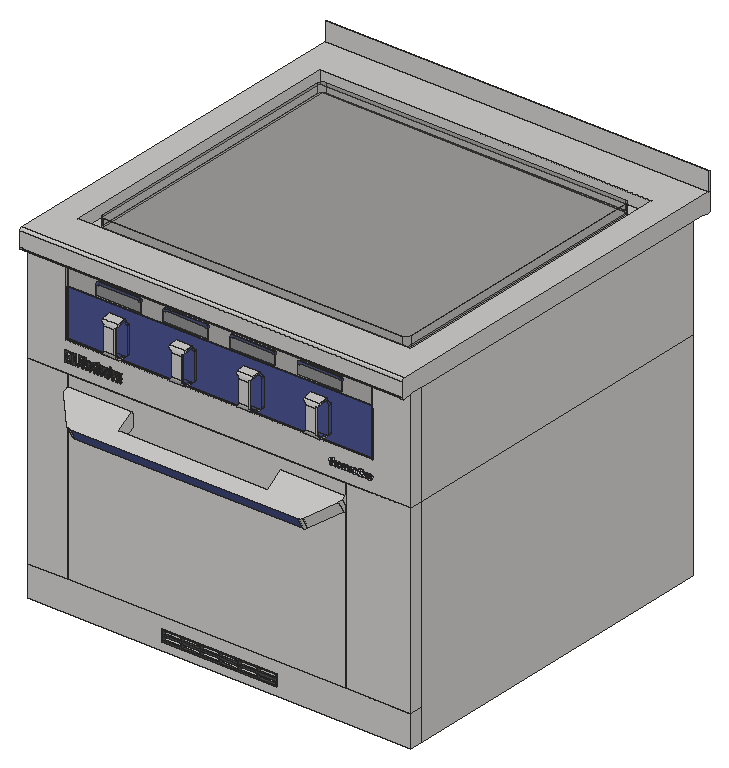
Revit family "QF_ELECTROLUXPROFESSIONAL_588412_MALLEBH8AO", category Attrezzature speciali, Revit 2020
Family settings
  Quota connettore circolare = Usa diametro
  Tipo di parte = Normale
  Basato su piano di lavoro = No
  Sempre verticale = Sì
  Taglio con vuoti quando caricato = No
  Condiviso = No
  Punto di calcolo locali = No
Parameters (values of type "Standard")
  Weight = 208.00 kg
  Watts = 17300 W
  Volts = 400 V
  URL Manufacturer = "https://www.electroluxprofessional.com/"
  URL = "https://www.electroluxprofessional.com/"
  Steam Supply Size = 0"
  Steam Supply Minimum Pressure = 0.00 psi
  Steam Supply Maximum Pressure = 0.00 psi
  Steam Consumption per Hour = 0
  Refrigeration Suction Line Size = 0 mm
  Refrigeration Liquid Line Size = 0 mm
  Refrigerant Compressor Remote = yes
  Prospetto di default = 0 mm
  Phase = 3
  Modello = "MALLEBH8AO"
  Produttore = "Electrolux Professional"
  Length Actual = 800 mm  # constant formula
  Item Number = "588412"
  Hot Water Size = 0"
  Height Actual = 700 mm  # constant formula
  HP = "23.2 HP"
  Gas Size = 0"
  Gas KW = 0
  Gas Input Pressure = 0.0 Btu/h
  Direct Waste Size = 0"
  Descrizione = "EL.SOLID TOP,ST.OV,1S,BS,800X800X700H"
  Depth Actual = 800 mm  # constant formula
  Cycle = 50 Hz
  Condensate Return Size = 0"
  Compressed Air Volume = 0 GPM
  Compressed Air Size = 0"
  Compressed Air Pressure = 0.00 psi
  Cold Water Size = 0"
  Accessory = yes
Reference planes
  plane 1 "BACK": y = 0
  plane 2: z = 0
  plane 3 "LEFT": x = 0
  plane 4 "RIGHT": x = 800
  plane 5 "FRONT": y = -800
  plane 6 "TOP": z = 900
  plane 7 "Center (Left/Right)": x = 400
  plane 8: y = -400
  plane 9: z = 200
  plane 10: y = -150
  plane 11 "Panel": y = -755
  plane 12: z = 798
  plane 13: z = 1327
  plane 14: x = 78
  plane 15: x = 722
  plane 16: y = -150
  plane 17: y = -650
  plane 18 "EIx": x = 755
  plane 19 "EIy": y = -585
Forms (mm)
  Extrusion 1, solid, material "QF_Finishes_Stainless Steel"
    sketch origin (-178.969, -4572, 200) x (-1, 0, 0) y (0, -1, 0)
      loop
        line (-178.969, -4527) -> (-178.969, -3817) -> (-978.969, -3817) -> (-978.969, -4527) -> (-178.969, -4527)
    from 450 to 663
  Extrusion 2, solid, material "QF_Finishes_Stainless Steel"
    sketch origin (0, 0, 0) x (0, 1, 0) y (0, 0, 1)
      loop
        line (-755, 200) -> (-755, 265) -> (-780, 265) -> (-780, 200) -> (-755, 200)
    from 0 to 800
  Extrusion 3, solid, material "QF_Finishes_Stainless Steel"
    sketch origin (-588.969, -4562, 200) x (-1, 0, 0) y (0, -1, 0)
      loop
        circle (-1343.969, -3977) r 6.35
    from 0 to -11.851
  Extrusion 4, solid, material "QF_Finishes_Stainless Steel"
    sketch origin (400, 296.4, 1219.2) x (0, 1, 0) y (0, 0, 1)
      loop
        line (-296.4, -319.2) -> (-1091.4, -319.2)
        arc (-1091.4, -319.2) -> (-1094.935, -320.664) -> (-1096.4, -324.2) r 5
        line (-1096.4, -324.2) -> (-1096.4, -355.2)
        arc (-1096.4, -355.2) -> (-1094.971, -358.264) -> (-1091.705, -359.139) r 4
        line (-1091.705, -359.139) -> (-1076.4, -356.231) -> (-316.4, -356.231) -> (-301.094, -359.139)
        arc (-301.094, -359.139) -> (-297.829, -358.264) -> (-296.4, -355.2) r 4
        line (-296.4, -355.2) -> (-296.4, -319.2)
    from -400 to 400
  Extrusion 5, solid, material "QF_Finishes_Electrolux_Black Smoke Iluminated"
    sketch origin (0, 0, 900) x (-1, 0, 0) y (0, -1, 0)
      loop
        arc (-88, 109) -> (-80.929, 111.929) -> (-78, 119) r 10
        line (-78, 119) -> (-78, 680)
        arc (-78, 680) -> (-80.929, 687.071) -> (-88, 690) r 10
        line (-88, 690) -> (-712, 690)
        arc (-712, 690) -> (-719.071, 687.071) -> (-722, 680) r 10
        line (-722, 680) -> (-722, 119)
        arc (-722, 119) -> (-719.071, 111.929) -> (-712, 109) r 10
        line (-712, 109) -> (-88, 109)
    from 0 to -20
  Extrusion 6, solid, material "QF_Finishes_Stainless Steel"
    sketch origin (-178.969, -4572, 200) x (-1, 0, 0) y (0, -1, 0)
      loop
        line (-178.969, -4527) -> (-178.969, -3817) -> (-978.969, -3817) -> (-978.969, -4527) -> (-178.969, -4527)
    from 450 to 0
  Extrusion 7, void
    sketch origin (0, -755, 0) x (-1, 0, 0) y (0, 0, 1)
      loop
        line (-520, 216.594) -> (-280, 216.594) -> (-280, 241.594) -> (-520, 241.594) -> (-520, 216.594)
    from 0 to -25
  Extrusion 8, solid, material "QF_Finishes_Black"
    sketch origin (0, -755, 0) x (-1, 0, 0) y (0, 0, 1)
      loop
        line (-280, 241.594) -> (-520, 241.594) -> (-520, 216.594) -> (-280, 216.594) -> (-280, 241.594)
      loop
        line (-282, 239.594) -> (-319.131, 239.594) -> (-319.131, 230.094) -> (-282, 230.094) -> (-282, 239.594)
      loop
        line (-282, 218.594) -> (-282, 228.094) -> (-319.131, 228.094) -> (-319.131, 218.594) -> (-282, 218.594)
      loop
        line (-321.131, 239.594) -> (-359.066, 239.594) -> (-359.066, 230.094) -> (-321.131, 230.094) -> (-321.131, 239.594)
      loop
        line (-399, 239.594) -> (-399, 230.094) -> (-361.066, 230.094) -> (-361.066, 239.594) -> (-399, 239.594)
      loop
        line (-401, 239.594) -> (-438.934, 239.594) -> (-438.934, 230.094) -> (-401, 230.094) -> (-401, 239.594)
      loop
        line (-359.066, 218.594) -> (-321.131, 218.594) -> (-321.131, 228.094) -> (-359.066, 228.094) -> (-359.066, 218.594)
      loop
        line (-361.066, 218.594) -> (-361.066, 228.094) -> (-399, 228.094) -> (-399, 218.594) -> (-361.066, 218.594)
      loop
        line (-401, 228.094) -> (-438.934, 228.094) -> (-438.934, 218.594) -> (-401, 218.594) -> (-401, 228.094)
      loop
        line (-518, 239.594) -> (-518, 230.094) -> (-480.869, 230.094) -> (-480.869, 239.594) -> (-518, 239.594)
      loop
        line (-518, 218.594) -> (-480.869, 218.594) -> (-480.869, 228.094) -> (-518, 228.094) -> (-518, 218.594)
      loop
        line (-478.869, 239.594) -> (-478.869, 230.094) -> (-440.934, 230.094) -> (-440.934, 239.594) -> (-478.869, 239.594)
      loop
        line (-440.934, 218.594) -> (-440.934, 228.094) -> (-478.869, 228.094) -> (-478.869, 218.594) -> (-440.934, 218.594)
    from -25.03 to -20
  Extrusion 9, void
    sketch origin (0, 0, 900) x (-1, 0, 0) y (0, -1, 0)
      loop
        line (-53, 715) -> (-747, 715) -> (-747, 84) -> (-53, 84) -> (-53, 715)
    from 0 to -25
  Extrusion 10, solid, material "QF_Finishes_Stainless Steel"
    sketch origin (0, 0, 900) x (-1, 0, 0) y (0, -1, 0)
      loop
        line (-82, 113) -> (-82, 686) -> (-718, 686) -> (-718, 113) -> (-82, 113)
    from -20 to -25
  Extrusion 11, solid, material "QF_Finishes_Stainless Steel"
    sketch origin (400, 296.4, 1219.2) x (0, 1, 0) y (0, 0, 1)
      loop
        line (-299.4, -319.2) -> (-296.4, -319.2) -> (-296.4, -281.2) -> (-299.4, -281.2) -> (-299.4, -319.2)
    from -400 to 400
Cuts and joins
  Extrusion 7 cuts Extrusion 6
  Extrusion 7 cuts Extrusion 2
  Extrusion 9 cuts Extrusion 4
Lines and regions (mm)
  symbolic lines
    curve 1: line (0, 0, 200) -> (800, 0, 200)
    curve 2: line (0, -800, 200) -> (0, 0, 200)
    curve 3: line (800, -800, 200) -> (0, -800, 200)
    curve 4: line (800, 0, 200) -> (800, -800, 200)
    curve 5: line (712, -109, 200) -> (88, -109, 200)
    curve 6: line (78, -119, 200) -> (78, -680, 200)
    curve 7: line (88, -690, 200) -> (712, -690, 200)
    curve 8: line (722, -680, 200) -> (722, -119, 200)
    curve 9: arc (88, -109, 200) -> (80.929, -111.929, 200) -> (78, -119, 200) r 10
    curve 10: arc (722, -119, 200) -> (719.071, -111.929, 200) -> (712, -109, 200) r 10
    curve 11: arc (712, -690, 200) -> (719.071, -687.071, 200) -> (722, -680, 200) r 10
    curve 12: arc (78, -680, 200) -> (80.929, -687.071, 200) -> (88, -690, 200) r 10
    curve 13: line (747, -84, 900) -> (53, -84, 900)
    curve 14: line (53, -84, 900) -> (53, -715, 900)
    curve 15: line (747, -715, 900) -> (747, -84, 900)
    curve 16: line (53, -715, 900) -> (747, -715, 900)
  model lines, style "SpecialityEquipment"
    curve 17: arc (584, -161, 900) -> (530.967, -289.033, 900) -> (659, -236, 900) r 75
    curve 18: line (639, -236, 900) -> (679, -236, 900)
    curve 19: line (679, -236, 900) -> (659, -216, 900)
    curve 20: line (639, -236, 900) -> (659, -216, 900)
    curve 21: arc (216, -161, 900) -> (162.967, -289.033, 900) -> (291, -236, 900) r 75
    curve 22: line (271, -236, 900) -> (311, -236, 900)
    curve 23: line (311, -236, 900) -> (291, -216, 900)
    curve 24: line (271, -236, 900) -> (291, -216, 900)
    curve 25: arc (584, -489, 900) -> (530.967, -617.033, 900) -> (659, -564, 900) r 75
    curve 26: line (639, -564, 900) -> (679, -564, 900)
    curve 27: line (679, -564, 900) -> (659, -544, 900)
    curve 28: line (639, -564, 900) -> (659, -544, 900)
    curve 29: arc (216, -489, 900) -> (162.967, -617.033, 900) -> (291, -564, 900) r 75
    curve 30: line (271, -564, 900) -> (311, -564, 900)
    curve 31: line (311, -564, 900) -> (291, -544, 900)
    curve 32: line (271, -564, 900) -> (291, -544, 900)
Dimensions and locks
  plane 3 "LEFT" to plane 4 "RIGHT" = 800 mm
  plane 5 "FRONT" to plane 1 "BACK" = 800 mm
  equal spacing: plane 3 "LEFT", plane 7 "Center (Left/Right)", plane 4 "RIGHT"
  equal spacing: plane 5 "FRONT", plane 8, plane 1 "BACK"
  plane 6 "TOP" to level = 900 mm  (x2)
  plane 9 to level = 200 mm
  plane 1 "BACK" to plane 10 to plane 11 "Panel" = 150 mm, 605 mm  (x2)
  plane 6 "TOP" to plane 9 to level = 700 mm, 200 mm
  plane 1 "BACK" to plane 5 "FRONT" = 800 mm
  plane 1 "BACK" to Extrusion 3 = 585 mm
  plane 12 to plane 9 = 598 mm
  plane 13 to plane 6 "TOP" = 427 mm
  plane 6 "TOP" to plane 12 = 102 mm
  plane 14 to plane 3 "LEFT" = 78 mm
  plane 15 to plane 4 "RIGHT" = 78 mm
  locked: plane 1 "BACK" to plane 16 at 150
  locked: plane 16 to plane 17 at 500
  plane 11 "Panel" to plane 5 "FRONT" = 45 mm
  plane 18 "EIx" to plane 4 "RIGHT" = 45 mm
  plane 19 "EIy" to plane 1 "BACK" = 585 mm
  aligned and locked: level to plane 2
  aligned and locked: Extrusion 2 to plane 4 "RIGHT"
Automatic sketch dimensions
  Extrusion 2 sketch curve to plane 9 = 0 mm
  Extrusion 2 sketch curve to plane 11 "Panel" = 0 mm
  Extrusion 2 sketch curve to plane 5 "FRONT" = 20 mm
  plane 9 to Extrusion 2 sketch curve = 65 mm
  Extrusion 3 sketch curve to plane 18 "EIx" = 0 mm
  Extrusion 3 sketch curve to plane 19 "EIy" = 0 mm
  Extrusion 4 sketch curve to plane 5 "FRONT" = 0 mm
  Extrusion 4 sketch curve to plane 6 "TOP" = 0 mm
  Extrusion 4 sketch curve to plane 1 "BACK" = 0 mm
  Extrusion 4 sketch curve to plane 5 "FRONT" = 4 mm
  Extrusion 4 sketch curve to Extrusion 4 sketch curve = 0.695 mm
  Extrusion 4 sketch curve to plane 5 "FRONT" = 5 mm
  Extrusion 4 sketch curve to Extrusion 4 sketch curve = 15.305 mm
  plane 1 "BACK" to Extrusion 4 sketch curve = 20 mm
  plane 1 "BACK" to Extrusion 4 sketch curve = 4.695 mm
  Extrusion 4 sketch curve to Extrusion 4 sketch curve = 4 mm
  Extrusion 4 sketch curve to Extrusion 4 sketch curve = 31 mm
  Extrusion 4 sketch curve to plane 6 "TOP" = 36 mm
  Extrusion 4 sketch curve to Extrusion 4 sketch curve = 2.909 mm
  Extrusion 5 sketch curve to plane 15 = 0 mm
  Extrusion 5 sketch curve to plane 14 = 0 mm
  plane 15 to Extrusion 5 sketch curve = 10 mm  (x2)
  Extrusion 5 sketch curve to Extrusion 5 sketch curve = 10 mm  (x2)
  plane 10 to Extrusion 5 sketch curve = 41 mm
  plane 17 to Extrusion 5 sketch curve = 30 mm
  plane 9 to Extrusion 7 sketch curve = 41.594 mm
  plane 7 "Center (Left/Right)" to Extrusion 7 sketch curve = 120 mm
  Extrusion 7 sketch curve to plane 7 "Center (Left/Right)" = 120 mm
  plane 9 to Extrusion 7 sketch curve = 16.594 mm
  plane 9 to Extrusion 8 sketch curve = 41.594 mm
  plane 7 "Center (Left/Right)" to Extrusion 8 sketch curve = 120 mm
  Extrusion 8 sketch curve to Extrusion 8 sketch curve = 2 mm  (x15)
  Extrusion 8 sketch curve to Extrusion 8 sketch curve = 0 mm  (x16)
  Extrusion 8 sketch curve to Extrusion 8 sketch curve = 37.131 mm  (x2)
  Extrusion 8 sketch curve to Extrusion 8 sketch curve = 37.934 mm  (x3)
  plane 7 "Center (Left/Right)" to Extrusion 8 sketch curve = 1 mm  (x2)
  Extrusion 8 sketch curve to plane 7 "Center (Left/Right)" = 1 mm  (x2)
  plane 9 to Extrusion 8 sketch curve = 18.594 mm  (x4)
  Extrusion 8 sketch curve to Extrusion 8 sketch curve = 9.5 mm  (x6)
  plane 18 "EIx" to Extrusion 9 sketch curve = 8 mm
  plane 14 to Extrusion 9 sketch curve = 25 mm
  plane 10 to Extrusion 9 sketch curve = 66 mm
  plane 11 "Panel" to Extrusion 9 sketch curve = 40 mm
  Extrusion 10 sketch curve to plane 14 = 4 mm
  plane 15 to Extrusion 10 sketch curve = 4 mm
  plane 17 to Extrusion 10 sketch curve = 36 mm
  plane 10 to Extrusion 10 sketch curve = 37 mm
  Extrusion 1 sketch curve to plane 4 "RIGHT" = 0 mm
  Extrusion 1 sketch curve to plane 3 "LEFT" = 0 mm
  Extrusion 1 sketch curve to plane 11 "Panel" = 0 mm
  plane 1 "BACK" to Extrusion 1 sketch curve = 45 mm
  plane 1 "BACK" to curve 1 = 0 mm
  curve 1 to plane 4 "RIGHT" = 0 mm
  curve 8 to plane 15 = 0 mm
  curve 6 to plane 14 = 0 mm
  curve 2 to plane 3 "LEFT" = 0 mm
  plane 5 "FRONT" to curve 3 = 0 mm
  plane 15 to curve 5 = 10 mm
  curve 11 to curve 11 = 10 mm
  curve 5 to plane 14 = 10 mm
  curve 12 to curve 6 = 10 mm
  plane 10 to curve 5 = 41 mm
  plane 17 to curve 11 = 30 mm
  Extrusion 6 sketch curve to plane 4 "RIGHT" = 0 mm
  Extrusion 6 sketch curve to plane 3 "LEFT" = 0 mm
  Extrusion 6 sketch curve to plane 11 "Panel" = 0 mm
  plane 1 "BACK" to Extrusion 6 sketch curve = 45 mm
  plane 18 "EIx" to curve 13 = 8 mm
  plane 14 to curve 14 = 25 mm
  plane 10 to curve 13 = 66 mm
  plane 11 "Panel" to curve 16 = 40 mm
  Extrusion 11 sketch curve to plane 6 "TOP" = 0 mm
  Extrusion 11 sketch curve to plane 1 "BACK" = 0 mm
  Extrusion 11 sketch curve to Extrusion 11 sketch curve = 3 mm
  Extrusion 11 sketch curve to Extrusion 11 sketch curve = 38 mm
  plane 15 to curve 17 = 138 mm
  plane 19 "EIy" to curve 25 = 21 mm
  plane 15 to curve 25 = 138 mm
  curve 21 to plane 14 = 138 mm
  plane 19 "EIy" to curve 29 = 21 mm
  curve 29 to plane 14 = 138 mm
  curve 17 to plane 10 = 86 mm
  curve 21 to plane 10 = 86 mm
  plane 15 to curve 19 = 43 mm
  plane 15 to curve 27 = 43 mm
  curve 26 to curve 27 = 20 mm
  curve 26 to curve 25 = 20 mm
  curve 18 to curve 17 = 20 mm
  curve 20 to curve 17 = 0 mm
  curve 17 to curve 20 = 20 mm
  curve 25 to curve 26 = 20 mm
  curve 31 to plane 7 "Center (Left/Right)" = 89 mm
  curve 23 to plane 7 "Center (Left/Right)" = 89 mm
  curve 22 to curve 24 = 20 mm
  curve 30 to curve 31 = 20 mm
  curve 30 to curve 29 = 20 mm
  curve 22 to curve 21 = 20 mm
  curve 29 to curve 32 = 20 mm
  curve 21 to curve 24 = 20 mm
  radius of Extrusion 3 sketch curve = 6.35 mm
Nested families
  nested 1: "Front_Panel_W800_4 Knobs" at (202.376, -755, 0), type "Front_Panel_W800_4 Knobs"
  nested 2: "Door_Panel_W800_A" at (300, -755, 0), type "Door_Panel_W800_A"
Connectors
  electrical at (755, -585, 188.149)
    settings: on Extrusion 3, index 1, voltage 400 V, apparent load 33000 VA, apparent load phase1 0 VA, apparent load phase2 0 VA, apparent load phase3 0 VA, power factor 1, load classification "Other", number of poles 1, system type 30, power factor state 1, is connector primary yes, connector utility no, sub classification motor no, connector description "ELECTRICAL CONNECTION"
Definition of nested family "Front_Panel_W800_4 Knobs"
  Parameters
    Default Elevation = 0 mm
  Reference planes
    plane 1 "Center (Front/Back)": y = 0
    plane 2: z = 0
    plane 3 "Center (Left/Right)": x = 197.624
    plane 4 "Left": x = -202.376
    plane 5 "Right": x = 597.624
    plane 6: y = -45
    plane 7: x = -12.376
    plane 8: x = 127.624
    plane 9: y = -310
    plane 10: y = -25
    plane 11: x = 517.624
    plane 12: x = -122.376
  Forms (mm)
    Extrusion 1, solid
      sketch origin (833.217, 829.203, -1.25) x (0, 1, 0) y (0, 0, 1)
        loop
          line (-854.203, 651.25) -> (-829.203, 651.25) -> (-829.203, 864.25) -> (-854.203, 864.25) -> (-854.203, 651.25)
      from -1035.593 to -235.593
    Extrusion 2, void
      sketch origin (0, 0, 0) x (1, 0, 0) y (0, 0, 1)
        loop
          line (-122.376, 853.866) -> (-122.376, 711.866) -> (517.624, 711.866) -> (517.624, 853.866) -> (-122.376, 853.866)
      from 19.387 to 33.951
  Cuts and joins
    Extrusion 2 cuts Extrusion 1
  Dimensions and locks
    equal spacing: plane 5 "Right", plane 3 "Center (Left/Right)", plane 4 "Left"
    plane 5 "Right" to plane 4 "Left" = 800 mm
    plane 3 "Center (Left/Right)" to plane 7 = 210 mm
    plane 3 "Center (Left/Right)" to plane 8 = 70 mm
    plane 6 to plane 9 = 265 mm
    aligned and locked: cut or joined group of Extrusion 1, Extrusion 2 to plane 4 "Left"
    aligned and locked: plane 5 "Right" to cut or joined group of Extrusion 1, Extrusion 2
    aligned and locked: plane 3 "Center (Left/Right)" to nested 2
    aligned and locked: cut or joined group of Extrusion 1, Extrusion 2 to nested 2
  Automatic sketch dimensions
    Extrusion 1 sketch curve to plane 1 "Center (Front/Back)" = 0 mm
    level to Extrusion 1 sketch curve = 650 mm
    plane 4 "Left" to Extrusion 2 sketch curve = 80 mm
    Extrusion 2 sketch curve to plane 5 "Right" = 80 mm
    level to Extrusion 2 sketch curve = 711.866 mm
    Extrusion 2 sketch curve to Extrusion 2 sketch curve = 142 mm
    Extrusion 1 sketch curve to plane 6 = 20 mm
    Extrusion 1 sketch curve to Extrusion 1 sketch curve = 213 mm
  Nested families
    nested 1: "Range Control Handle" at (-12.376, -28.137, -209.113) x (-1, 0, 0) z (0, 0, 1), type "Range Control Handle"
    nested 2: "Front glass control panel W800" at (197.624, 280.644, 2.752), type "Front glass control panel W800"
    nested 3: "Range Control Handle" at (127.624, -28.137, -209.113) x (-1, 0, 0) z (0, 0, 1), type "Range Control Handle"
    nested 4: "Range Control Handle" at (407.624, -28.137, -209.113), type "Range Control Handle"
    nested 5: "Range Control Handle" at (267.624, -28.137, -209.113), type "Range Control Handle"
    nested 6: "ELX_ThermaLine_Small" at (468.838, -25, 679.426) x (1, 0, 0) z (0, -1, 0), type "ELX_ThermaLine_Small"
      with Show Logo yes, Material_Logo none
    nested 7: "ELX_Professional_Logo_Small" at (-62.89, -25, 681.659) x (1, 0, 0) z (0, -1, 0), type "ELX_Professional_Logo_Small"
      with Show Logo yes, Material_Logo none
  Definition of nested family "Range Control Handle"
    Parameters
      Default Elevation = 0 mm
    Reference planes
      plane 1 "Center (Front/Back)": y = 0
      plane 2: z = 0
      plane 3 "Center (Left/Right)": x = 0
      plane 4: z = 971.092
      plane 5: y = -16.9
    Forms (mm)
      Extrusion 1, solid
        sketch origin (-746.28, 380.497, 208.931) x (-1, 0, 0) y (0, 0, 1)
          loop
            line (-770.101, 786.798) -> (-770.101, 731.649)
            arc (-770.101, 731.649) -> (-769.759, 730.563) -> (-768.855, 729.87) r 1.893
            line (-768.855, 729.87) -> (-763.474, 727.911) -> (-729.81, 727.911) -> (-724.428, 729.87)
            arc (-724.428, 729.87) -> (-723.525, 730.563) -> (-723.183, 731.649) r 1.893
            line (-723.183, 731.649) -> (-723.183, 786.798)
            arc (-723.183, 786.798) -> (-723.529, 787.894) -> (-724.44, 788.593) r 1.91
            line (-724.44, 788.593) -> (-729.683, 790.819) -> (-763.601, 790.819) -> (-768.844, 788.593)
            arc (-768.844, 788.593) -> (-769.755, 787.894) -> (-770.101, 786.798) r 1.91
        from -382.35 to -378.852
      Sweep 2, solid
        path origin (-746.788, 380.496, 208.091) x (0, -1, 0) y (0, 0, 1)
          loop
            line (379.775, 793.281) -> (395.661, 791.048)
            arc (395.661, 791.048) -> (397.781, 787.377) -> (398.517, 783.202) r 12.207
            line (398.517, 783.202) -> (398.517, 737.368)
            arc (398.517, 737.368) -> (397.781, 733.193) -> (395.661, 729.522) r 12.207
            line (395.661, 729.522) -> (379.775, 727.289)
        profile origin (-746.788, -7.222, 1000.256) x (0, -0.139173, 0.990268) y (-1, 0, 0)
          loop
            line (0.782, -763.123) -> (0.782, -730.907) -> (-1.322, -730.907) -> (-1.322, -763.123) -> (0.782, -763.123)
      Sweep 3, solid
        path origin (-746.788, 380.715, 207.832) x (0, -1, 0) y (0, 0, 1)
          loop
            line (380.478, 795.442) -> (397.218, 793.09)
            arc (397.218, 793.09) -> (399.929, 788.473) -> (400.871, 783.202) r 15.207
            line (400.871, 783.202) -> (400.871, 737.584)
            arc (400.871, 737.584) -> (399.914, 732.274) -> (397.164, 727.633) r 15.207
            line (397.164, 727.633) -> (380.601, 725.305)
        profile origin (-746.788, -8.132, 1002.099) x (0, -0.139173, 0.990268) y (-1, 0, 0)
          loop
            line (0.782, -763.123) -> (0.782, -730.907) -> (-1.322, -730.907) -> (-1.322, -763.123) -> (0.782, -763.123)
      Extrusion 4, void
        sketch origin (889.253, 220.666, 207.993) x (1, 0, 0) y (0, 0, 1)
          loop
            line (-943.038, 816.854) -> (-943.038, 703.686) -> (-899.466, 734.196) -> (-899.466, 786.344) -> (-943.038, 816.854)
        from 230.636 to 242.25
      Extrusion 5, void
        sketch origin (-888.8, 220.666, 207.993) x (-1, 0, 0) y (0, 0, -1)
          loop
            line (-943.038, -816.854) -> (-899.466, -786.344) -> (-899.466, -734.196) -> (-943.038, -703.686) -> (-943.038, -816.854)
        from 230.636 to 242.25
      Extrusion 6, solid
        sketch origin (0, 0, 0) x (1, 0, 0) y (0, 0, 1)
          loop
            circle (0, 971.092) r 7.736
        from -3.137 to -1.645
    Cuts and joins
      Extrusion 4, Extrusion 5 cuts Sweep 3
      Extrusion 4, Extrusion 5 cuts Sweep 2
      joined: Extrusion 1, Extrusion 6
    Lines and regions (mm)
      symbolic lines
        curve 1: line (16.334, -16.9, 0) -> (16.334, -19.227, 0)
        curve 2: spline (16.334, -19.227, 0) -> (15.87, -19.385, 0) -> (15.404, -19.536, 0) -> (14.936, -19.678, 0) -> (14.466, -19.813, 0) -> (13.995, -19.94, 0) -> (13.523, -20.059, 0) -> (13.049, -20.171, 0) -> (12.575, -20.274, 0) -> (12.099, -20.37, 0) -> (11.622, -20.458, 0) -> (11.144, -20.537, 0) -> (10.666, -20.609, 0)
        curve 3: line (10.666, -16.9, 0) -> (10.666, -20.938, 0)
        curve 4: line (-10.213, -20.938, 0) -> (10.666, -20.938, 0)
        curve 5: line (-10.213, -20.938, 0) -> (-10.213, -16.9, 0)
        curve 6: spline (-10.213, -20.609, 0) -> (-10.691, -20.537, 0) -> (-11.169, -20.458, 0) -> (-11.646, -20.37, 0) -> (-12.122, -20.274, 0) -> (-12.597, -20.171, 0) -> (-13.07, -20.059, 0) -> (-13.542, -19.94, 0) -> (-14.013, -19.813, 0) -> (-14.483, -19.678, 0) -> (-14.951, -19.536, 0) -> (-15.417, -19.385, 0) -> (-15.881, -19.227, 0)
        curve 7: line (-15.881, -19.227, 0) -> (-15.881, -16.9, 0)
  Definition of nested family "Front glass control panel W800"
    Parameters
      Default Elevation = 0 mm
    Reference planes
      plane 1 "Center (Front/Back)": y = 0
      plane 2: z = 0
      plane 3 "Center (Left/Right)": x = 0
    Forms (mm)
      Extrusion 1, solid
        sketch origin (378.286, 0, 0.617) x (1, 0, 0) y (0, 0, 1)
          loop
            line (-698.286, 806.791) -> (-698.286, 708.497) -> (-58.286, 708.497) -> (-58.286, 806.791) -> (-698.286, 806.791)
        from 300.031 to 304.8
      Extrusion 2, solid
        sketch origin (378.286, 0, 0.617) x (1, 0, 0) y (0, 0, 1)
          loop
            line (-698.286, 850.497) -> (-698.286, 806.791) -> (-58.286, 806.791) -> (-58.286, 850.497) -> (-698.286, 850.497)
        from 300.031 to 304.8
      Extrusion 3, void
        sketch origin (378.286, 0, 0.617) x (1, 0, 0) y (0, 0, 1)
          loop
            line (-695.628, 847.565) -> (-695.628, 710.699) -> (-61.196, 710.699) -> (-61.196, 847.565) -> (-695.628, 847.565)
        from 303.697 to 304.8
      Extrusion 4, solid
        sketch origin (-378.333, 1.101, -0.633) x (-1, 0, 0) y (0, 0, -1)
          loop
            line (-261.431, -812.62) -> (-355.186, -812.62) -> (-355.186, -834.177) -> (-350.269, -834.177) -> (-348.469, -835.977) -> (-268.039, -835.977) -> (-266.24, -834.177) -> (-261.431, -834.177) -> (-261.431, -812.62)
        from 304.798 to 306.745
      Extrusion 5, solid
        sketch origin (-378.333, 1.101, -0.633) x (-1, 0, 0) y (0, 0, -1)
          loop
            line (-350.269, -834.177) -> (-355.078, -834.177)
            arc (-355.078, -834.177) -> (-353.942, -838.747) -> (-349.686, -840.763) r 5.5
            line (-349.686, -840.763) -> (-266.98, -840.763)
            arc (-266.98, -840.763) -> (-262.706, -838.752) -> (-261.529, -834.177) r 5.549
            line (-261.529, -834.177) -> (-266.24, -834.177) -> (-268.039, -835.977) -> (-348.469, -835.977) -> (-350.269, -834.177)
        from 304.798 to 306.745
      Extrusion 6, solid
        sketch origin (-518.333, 1.101, -0.633) x (-1, 0, 0) y (0, 0, -1)
          loop
            line (-261.431, -812.62) -> (-355.186, -812.62) -> (-355.186, -834.177) -> (-350.269, -834.177) -> (-348.469, -835.977) -> (-268.039, -835.977) -> (-266.24, -834.177) -> (-261.431, -834.177) -> (-261.431, -812.62)
        from 304.798 to 306.745
      Extrusion 7, solid
        sketch origin (-518.333, 1.101, -0.633) x (-1, 0, 0) y (0, 0, -1)
          loop
            line (-350.269, -834.177) -> (-355.078, -834.177)
            arc (-355.078, -834.177) -> (-353.942, -838.747) -> (-349.686, -840.763) r 5.5
            line (-349.686, -840.763) -> (-266.98, -840.763)
            arc (-266.98, -840.763) -> (-262.706, -838.752) -> (-261.529, -834.177) r 5.549
            line (-261.529, -834.177) -> (-266.24, -834.177) -> (-268.039, -835.977) -> (-348.469, -835.977) -> (-350.269, -834.177)
        from 304.798 to 306.745
      Extrusion 8, solid
        sketch origin (378.333, 1.101, -0.633) x (1, 0, 0) y (0, 0, 1)
          loop
            line (-261.431, 812.62) -> (-261.431, 834.177) -> (-266.24, 834.177) -> (-268.039, 835.977) -> (-348.469, 835.977) -> (-350.269, 834.177) -> (-355.186, 834.177) -> (-355.186, 812.62) -> (-261.431, 812.62)
        from 304.798 to 306.745
      Extrusion 9, solid
        sketch origin (378.333, 1.101, -0.633) x (1, 0, 0) y (0, 0, 1)
          loop
            line (-350.269, 834.177) -> (-348.469, 835.977) -> (-268.039, 835.977) -> (-266.24, 834.177) -> (-261.529, 834.177)
            arc (-261.529, 834.177) -> (-262.706, 838.752) -> (-266.98, 840.763) r 5.549
            line (-266.98, 840.763) -> (-349.686, 840.763)
            arc (-349.686, 840.763) -> (-353.942, 838.747) -> (-355.078, 834.177) r 5.5
            line (-355.078, 834.177) -> (-350.269, 834.177)
        from 304.798 to 306.745
      Extrusion 10, solid
        sketch origin (518.333, 1.101, -0.633) x (1, 0, 0) y (0, 0, 1)
          loop
            line (-261.431, 812.62) -> (-261.431, 834.177) -> (-266.24, 834.177) -> (-268.039, 835.977) -> (-348.469, 835.977) -> (-350.269, 834.177) -> (-355.186, 834.177) -> (-355.186, 812.62) -> (-261.431, 812.62)
        from 304.798 to 306.745
      Extrusion 11, solid
        sketch origin (518.333, 1.101, -0.633) x (1, 0, 0) y (0, 0, 1)
          loop
            line (-350.269, 834.177) -> (-348.469, 835.977) -> (-268.039, 835.977) -> (-266.24, 834.177) -> (-261.529, 834.177)
            arc (-261.529, 834.177) -> (-262.706, 838.752) -> (-266.98, 840.763) r 5.549
            line (-266.98, 840.763) -> (-349.686, 840.763)
            arc (-349.686, 840.763) -> (-353.942, 838.747) -> (-355.078, 834.177) r 5.5
            line (-355.078, 834.177) -> (-350.269, 834.177)
        from 304.798 to 306.745
    Cuts and joins
      Extrusion 3 cuts Extrusion 1
      Extrusion 3 cuts Extrusion 2
    Dimensions and locks
      aligned and locked: Extrusion 1 to Extrusion 2
      aligned and locked: Extrusion 5 sketch curve to Extrusion 4  (x5)
      aligned and locked: Extrusion 5 to Extrusion 4
      aligned and locked: Extrusion 7 sketch curve to Extrusion 6  (x5)
      aligned and locked: Extrusion 7 to Extrusion 6
      aligned and locked: Extrusion 9 sketch curve to Extrusion 8  (x4)
      aligned and locked: Extrusion 8 to Extrusion 9 sketch curve
      aligned and locked: Extrusion 9 to Extrusion 8
      aligned and locked: Extrusion 11 sketch curve to Extrusion 10  (x4)
      aligned and locked: Extrusion 10 to Extrusion 11 sketch curve
      aligned and locked: Extrusion 11 to Extrusion 10
  Definition of nested family "ELX_ThermaLine_Small"
    Parameters
      Show Logo [instance] = yes
      Material_Logo [instance] = none
      Default Elevation = 0 mm
    Reference planes
      plane 1 "Centro (Fronte/Retro)": y = 0
      plane 2: z = 0
      plane 3 "Centro (Sinistra/Destra)": x = 0
    Forms (mm)
      Extrusion 1, solid
        sketch origin (0, 0, 0) x (1, 0, 0) y (0, 1, 0)
          loop
            line (-1219.2, 1219.2) -> (-1219.2, -1219.2) -> (1219.2, -1219.2) -> (1219.2, 1219.2) -> (-1219.2, 1219.2)
        from 0 to -304.8
      Extrusion 2, solid
        sketch origin (0, 0, 0) x (1, 0, 0) y (0, 1, 0)
          loop
            line (-37.494, 1.229) -> (-35.908, 1.229) -> (-35.908, 3.066) -> (-37.494, 3.066) -> (-37.494, 6.221) -> (-39.867, 4.881) -> (-39.867, 3.066) -> (-40.969, 3.066) -> (-40.969, 1.229) -> (-39.867, 1.229) -> (-39.867, -3.407)
            arc (-39.867, -3.407) -> (-38.982, -5.513) -> (-36.751, -6.001) r 2.478
            line (-36.751, -6.001) -> (-35.638, -5.7) -> (-35.9, -3.835) -> (-36.661, -4.039)
            arc (-36.661, -4.039) -> (-37.236, -3.924) -> (-37.494, -3.399) r 0.662
            line (-37.494, -3.399) -> (-37.494, 1.229)
          loop
            line (-34.242, 6.539) -> (-34.242, -5.848) -> (-31.854, -5.848) -> (-31.854, -0.078)
            arc (-31.854, -0.078) -> (-30.939, 1.249) -> (-29.33, 1.367) r 1.866
            arc (-29.33, 1.367) -> (-28.695, 0.768) -> (-28.461, -0.073) r 1.627
            line (-28.461, -0.073) -> (-28.461, -5.848) -> (-26.086, -5.848) -> (-26.064, -0.46)
            arc (-26.064, -0.46) -> (-26.261, 0.932) -> (-26.786, 2.237) r 5.825
            arc (-26.786, 2.237) -> (-29.381, 3.264) -> (-31.854, 1.971) r 3.353
            line (-31.854, 1.971) -> (-31.854, 6.539) -> (-34.242, 6.539)
          loop
            arc (-18.398, -0.598) -> (-18.893, 0.879) -> (-20.326, 1.487) r 1.897
            arc (-20.326, 1.487) -> (-21.461, 0.708) -> (-21.897, -0.598) r 2.164
            line (-21.897, -0.598) -> (-18.398, -0.598)
          loop
            arc (-16.021, -2.044) -> (-16.754, 1.227) -> (-19.444, 3.226) r 4.814
            arc (-19.444, 3.226) -> (-22.137, 2.788) -> (-23.943, 0.743) r 4.054
            arc (-23.943, 0.743) -> (-24.382, -1.249) -> (-24.162, -3.276) r 6.289
            arc (-24.162, -3.276) -> (-23.302, -4.71) -> (-21.958, -5.705) r 4.28
            arc (-21.958, -5.705) -> (-18.558, -5.814) -> (-16.152, -3.409) r 4.28
            line (-16.152, -3.409) -> (-18.5, -2.995)
            arc (-18.5, -2.995) -> (-19.273, -3.994) -> (-20.533, -4.076) r 1.536
            arc (-20.533, -4.076) -> (-21.56, -3.281) -> (-21.958, -2.044) r 2.197
            line (-21.958, -2.044) -> (-16.021, -2.044)
          loop
            line (-14.165, -5.848) -> (-11.819, -5.848) -> (-11.819, -2.138)
            arc (-11.819, -2.138) -> (-11.787, -1.156) -> (-11.637, -0.185) r 8.18
            arc (-11.637, -0.185) -> (-10.644, 0.972) -> (-9.132, 0.776) r 1.603
            line (-9.132, 0.776) -> (-8.419, 2.846)
            arc (-8.419, 2.846) -> (-10.432, 3.118) -> (-11.994, 1.821) r 2.527
            line (-11.994, 1.821) -> (-11.994, 3.094) -> (-14.165, 3.094) -> (-14.165, -5.848)
          loop
            line (-7.579, 3.094) -> (-7.579, -5.848) -> (-5.178, -5.848) -> (-5.178, -0.756)
            arc (-5.178, -0.756) -> (-4.727, 0.679) -> (-3.417, 1.419) r 2.05
            arc (-3.417, 1.419) -> (-2.499, 0.908) -> (-2.155, -0.085) r 1.471
            line (-2.155, -0.085) -> (-2.155, -5.848) -> (0.23, -5.848) -> (0.23, -1.001)
            arc (0.23, -1.001) -> (0.47, 0.127) -> (1.148, 1.061) r 2.775
            arc (1.148, 1.061) -> (2.225, 1.329) -> (3.05, 0.587) r 1.182
            arc (3.05, 0.587) -> (3.199, -0.019) -> (3.214, -0.642) r 2.894
            line (3.214, -0.642) -> (3.214, -5.848) -> (5.601, -5.848) -> (5.601, 0.261)
            arc (5.601, 0.261) -> (4.87, 2.263) -> (2.976, 3.241) r 2.932
            arc (2.976, 3.241) -> (1.284, 2.973) -> (-0.047, 1.896) r 3.309
            arc (-0.047, 1.896) -> (-1.116, 2.865) -> (-2.506, 3.258) r 3.16
            arc (-2.506, 3.258) -> (-4.105, 2.942) -> (-5.376, 1.92) r 3.419
            line (-5.376, 1.92) -> (-5.376, 3.094) -> (-7.579, 3.094)
          loop
            line (7.583, 0.738) -> (9.702, 0.364)
            arc (9.702, 0.364) -> (11.441, 1.492) -> (12.855, -0.023) r 1.613
            line (12.855, -0.023) -> (9.782, -0.789)
            arc (9.782, -0.789) -> (8.559, -1.346) -> (7.617, -2.305) r 3.687
            arc (7.617, -2.305) -> (7.499, -3.681) -> (7.901, -5.003) r 3.651
            arc (7.901, -5.003) -> (9.107, -5.766) -> (10.515, -6.006) r 3.635
            arc (10.515, -6.006) -> (11.898, -5.697) -> (13.067, -4.895) r 3.734
            line (13.067, -4.895) -> (13.376, -5.848) -> (15.75, -5.848) -> (15.212, -4.193) -> (15.212, 0.38)
            arc (15.212, 0.38) -> (14.897, 1.849) -> (13.818, 2.895) r 2.585
            arc (13.818, 2.895) -> (11.792, 3.442) -> (9.719, 3.11) r 5.005
            arc (9.719, 3.11) -> (8.369, 2.178) -> (7.583, 0.738) r 3.54
          loop
            line (19.723, -5.848) -> (22.233, -5.848) -> (24.854, 6.484) -> (22.345, 6.484) -> (19.723, -5.848)
          loop
            line (24.583, -5.848) -> (26.953, -5.848) -> (28.848, 3.066) -> (26.478, 3.066) -> (24.583, -5.848)
          loop
            line (27.204, 6.484) -> (26.741, 4.305) -> (29.111, 4.305) -> (29.575, 6.484) -> (27.204, 6.484)
          loop
            line (29.355, -5.848) -> (31.849, -5.848) -> (33.098, 0.028)
            arc (33.098, 0.028) -> (34.169, 1.306) -> (35.832, 1.422) r 2.132
            arc (35.832, 1.422) -> (36.324, 0.752) -> (36.383, -0.078) r 1.5
            line (36.383, -0.078) -> (35.157, -5.848) -> (37.536, -5.848) -> (38.936, 0.738)
            arc (38.936, 0.738) -> (38.775, 2.091) -> (37.825, 3.066) r 2.118
            arc (37.825, 3.066) -> (35.392, 3.175) -> (33.295, 1.937) r 4.271
            line (33.295, 1.937) -> (33.535, 3.066) -> (31.25, 3.066) -> (29.355, -5.848)
          loop
            line (42.792, -0.64) -> (46.589, -0.64)
            arc (46.589, -0.64) -> (46.639, 0.124) -> (46.327, 0.823) r 1.589
            arc (46.327, 0.823) -> (45.117, 1.521) -> (43.762, 1.183) r 1.865
            arc (43.762, 1.183) -> (43.141, 0.344) -> (42.792, -0.64) r 3.538
          loop
            line (42.565, -2.138) -> (48.593, -2.138)
            arc (48.593, -2.138) -> (48.58, 0.597) -> (46.983, 2.818) r 4.494
            arc (46.983, 2.818) -> (44.191, 3.28) -> (41.725, 1.891) r 4.26
            arc (41.725, 1.891) -> (40.503, -0.3) -> (40.284, -2.799) r 6.003
            arc (40.284, -2.799) -> (40.959, -4.468) -> (42.377, -5.576) r 3.482
            arc (42.377, -5.576) -> (44.265, -5.961) -> (46.152, -5.576) r 4.823
            arc (46.152, -5.576) -> (47.432, -4.731) -> (48.328, -3.485) r 4.245
            line (48.328, -3.485) -> (46.168, -3.105)
            arc (46.168, -3.105) -> (45.214, -4.072) -> (43.859, -4.181) r 1.953
            arc (43.859, -4.181) -> (42.821, -3.408) -> (42.565, -2.138) r 1.81
          loop
            line (12.868, -1.553) -> (10.216, -2.214)
            arc (10.216, -2.214) -> (9.747, -3.136) -> (10.216, -4.058) r 1.14
            arc (10.216, -4.058) -> (11.537, -4.249) -> (12.614, -3.46) r 1.763
            arc (12.614, -3.46) -> (12.858, -2.522) -> (12.868, -1.553) r 3.97
        from 0 to 1.6
    Dimensions and locks
      aligned and locked: plane 2 to Extrusion 1
      aligned and locked: level to Extrusion 1
  Definition of nested family "ELX_Professional_Logo_Small"
    Parameters
      Show Logo [instance] = yes
      Material_Logo [instance] = none
      Default Elevation = 0 mm
    Reference planes
      plane 1 "Centro (Fronte/Retro)": y = 0
      plane 2: z = 0
      plane 3 "Centro (Sinistra/Destra)": x = 0
    Forms (mm)
      Extrusion 1, solid
        sketch origin (0, 0, 0) x (1, 0, 0) y (0, 1, 0)
          loop
            line (-1219.2, 1219.2) -> (-1219.2, -1219.2) -> (1219.2, -1219.2) -> (1219.2, 1219.2) -> (-1219.2, 1219.2)
        from 0 to -304.8
      Extrusion 2, solid, material <- "Material_Logo"
        sketch origin (15.5, 0, 0) x (1, 0, 0) y (0, 1, 0)
          loop
            spline (-42.99, -1.24) -> (-43.195, -1.231) -> (-43.415, -1.203) -> (-43.642, -1.152) -> (-43.87, -1.074) -> (-44.095, -0.966) -> (-44.309, -0.825) -> (-44.506, -0.647) -> (-44.681, -0.429) -> (-44.828, -0.167) -> (-44.94, 0.142) -> (-45.011, 0.501) -> (-45.037, 0.915)
            line (-45.037, 0.915) -> (-45.037, 2.748) -> (-38.984, 2.748) -> (-38.984, 5.086) -> (-45.038, 5.086) -> (-45.038, 8.489) -> (-38.599, 8.489) -> (-38.599, 10.82) -> (-47.515, 10.82) -> (-47.515, 1.021)
            spline (-47.515, 1.021) -> (-47.493, 0.418) -> (-47.425, -0.15) -> (-47.311, -0.682) -> (-47.15, -1.175) -> (-46.939, -1.628) -> (-46.678, -2.038) -> (-46.365, -2.404) -> (-46, -2.723) -> (-45.58, -2.995) -> (-45.105, -3.216) -> (-44.573, -3.385) -> (-43.983, -3.499)
            line (-43.983, -3.499) -> (-43.01, -3.569) -> (-38.426, -3.569) -> (-38.426, -1.24) -> (-42.99, -1.24)
          loop
            line (-36.666, 4.021) -> (-36.666, -3.573) -> (-34.188, -3.573) -> (-34.188, 10.824) -> (-36.666, 10.824) -> (-36.666, 4.021)
          loop
            spline (-21.915, 1.897) -> (-21.957, 2.615) -> (-22.082, 3.303) -> (-22.285, 3.955) -> (-22.563, 4.564) -> (-22.913, 5.124) -> (-23.331, 5.629) -> (-23.814, 6.074) -> (-24.359, 6.451) -> (-24.961, 6.755) -> (-25.618, 6.98) -> (-26.326, 7.119) -> (-27.081, 7.167)
            spline (-27.081, 7.167) -> (-27.853, 7.122) -> (-28.586, 6.99) -> (-29.275, 6.774) -> (-29.915, 6.478) -> (-30.5, 6.104) -> (-31.024, 5.657) -> (-31.483, 5.138) -> (-31.871, 4.553) -> (-32.182, 3.904) -> (-32.411, 3.194) -> (-32.552, 2.427) -> (-32.6, 1.606)
            spline (-32.6, 1.606) -> (-32.553, 0.805) -> (-32.416, 0.057) -> (-32.193, -0.637) -> (-31.887, -1.271) -> (-31.504, -1.843) -> (-31.048, -2.35) -> (-30.523, -2.788) -> (-29.934, -3.154) -> (-29.284, -3.444) -> (-28.579, -3.656) -> (-27.822, -3.785) -> (-27.019, -3.829)
            spline (-27.019, -3.829) -> (-26.627, -3.82) -> (-26.239, -3.79) -> (-25.856, -3.739) -> (-25.477, -3.663) -> (-25.103, -3.562) -> (-24.734, -3.432) -> (-24.369, -3.273) -> (-24.01, -3.082) -> (-23.655, -2.858) -> (-23.305, -2.597) -> (-22.96, -2.299) -> (-22.621, -1.962)
            line (-22.621, -1.962) -> (-24.114, -0.509)
            spline (-24.114, -0.509) -> (-24.311, -0.699) -> (-24.509, -0.872) -> (-24.71, -1.03) -> (-24.915, -1.172) -> (-25.126, -1.297) -> (-25.346, -1.407) -> (-25.576, -1.5) -> (-25.817, -1.576) -> (-26.072, -1.636) -> (-26.342, -1.678) -> (-26.629, -1.704) -> (-26.936, -1.713)
            spline (-26.936, -1.713) -> (-27.384, -1.691) -> (-27.805, -1.625) -> (-28.196, -1.518) -> (-28.556, -1.372) -> (-28.882, -1.187) -> (-29.174, -0.966) -> (-29.429, -0.71) -> (-29.645, -0.422) -> (-29.821, -0.102) -> (-29.955, 0.247) -> (-30.045, 0.623) -> (-30.089, 1.026)
            line (-30.089, 1.026) -> (-21.956, 1.026) -> (-21.915, 1.897)
          loop
            spline (-24.446, 2.769) -> (-24.47, 3.075) -> (-24.54, 3.37) -> (-24.654, 3.65) -> (-24.807, 3.913) -> (-24.996, 4.156) -> (-25.219, 4.376) -> (-25.472, 4.57) -> (-25.753, 4.736) -> (-26.057, 4.869) -> (-26.382, 4.968) -> (-26.724, 5.03) -> (-27.081, 5.051)
            spline (-27.081, 5.051) -> (-27.464, 5.03) -> (-27.832, 4.97) -> (-28.183, 4.872) -> (-28.513, 4.74) -> (-28.819, 4.577) -> (-29.099, 4.384) -> (-29.347, 4.165) -> (-29.563, 3.923) -> (-29.742, 3.659) -> (-29.881, 3.377) -> (-29.977, 3.079) -> (-30.027, 2.769)
            line (-30.027, 2.769) -> (-24.446, 2.769)
          loop
            spline (-18.167, 1.669) -> (-18.138, 2.13) -> (-18.055, 2.567) -> (-17.921, 2.978) -> (-17.739, 3.358) -> (-17.512, 3.705) -> (-17.243, 4.016) -> (-16.937, 4.287) -> (-16.596, 4.517) -> (-16.223, 4.7) -> (-15.823, 4.835) -> (-15.398, 4.919) -> (-14.951, 4.947)
            spline (-14.951, 4.947) -> (-14.677, 4.938) -> (-14.414, 4.913) -> (-14.162, 4.871) -> (-13.921, 4.812) -> (-13.69, 4.738) -> (-13.467, 4.649) -> (-13.254, 4.544) -> (-13.048, 4.424) -> (-12.85, 4.291) -> (-12.659, 4.143) -> (-12.474, 3.981) -> (-12.295, 3.806)
            line (-12.295, 3.806) -> (-10.76, 5.403)
            spline (-10.76, 5.403) -> (-11.065, 5.709) -> (-11.38, 5.984) -> (-11.703, 6.228) -> (-12.035, 6.443) -> (-12.375, 6.63) -> (-12.723, 6.788) -> (-13.078, 6.92) -> (-13.44, 7.026) -> (-13.809, 7.107) -> (-14.184, 7.164) -> (-14.564, 7.198) -> (-14.951, 7.209)
            spline (-14.951, 7.209) -> (-15.725, 7.161) -> (-16.467, 7.02) -> (-17.169, 6.792) -> (-17.826, 6.482) -> (-18.43, 6.096) -> (-18.976, 5.637) -> (-19.455, 5.112) -> (-19.862, 4.525) -> (-20.19, 3.882) -> (-20.433, 3.189) -> (-20.584, 2.449) -> (-20.635, 1.669)
            spline (-20.635, 1.669) -> (-20.584, 0.889) -> (-20.433, 0.149) -> (-20.19, -0.545) -> (-19.862, -1.187) -> (-19.455, -1.774) -> (-18.976, -2.299) -> (-18.43, -2.758) -> (-17.826, -3.145) -> (-17.169, -3.454) -> (-16.467, -3.682) -> (-15.725, -3.823) -> (-14.951, -3.871)
            spline (-14.951, -3.871) -> (-14.564, -3.86) -> (-14.184, -3.826) -> (-13.809, -3.77) -> (-13.44, -3.689) -> (-13.078, -3.583) -> (-12.723, -3.451) -> (-12.375, -3.292) -> (-12.035, -3.105) -> (-11.703, -2.89) -> (-11.38, -2.646) -> (-11.065, -2.371) -> (-10.76, -2.066)
            line (-10.76, -2.066) -> (-12.295, -0.468)
            spline (-12.295, -0.468) -> (-12.474, -0.643) -> (-12.659, -0.805) -> (-12.85, -0.953) -> (-13.048, -1.087) -> (-13.254, -1.206) -> (-13.467, -1.311) -> (-13.69, -1.4) -> (-13.921, -1.475) -> (-14.162, -1.533) -> (-14.414, -1.575) -> (-14.677, -1.6) -> (-14.951, -1.609)
            spline (-14.951, -1.609) -> (-15.398, -1.581) -> (-15.823, -1.497) -> (-16.223, -1.362) -> (-16.596, -1.179) -> (-16.937, -0.95) -> (-17.243, -0.678) -> (-17.512, -0.367) -> (-17.739, -0.02) -> (-17.921, 0.36) -> (-18.055, 0.771) -> (-18.138, 1.208) -> (-18.167, 1.669)
          loop
            spline (-4.441, -1.243) -> (-4.659, -1.247) -> (-4.894, -1.23) -> (-5.137, -1.19) -> (-5.384, -1.121) -> (-5.628, -1.021) -> (-5.864, -0.884) -> (-6.084, -0.708) -> (-6.283, -0.488) -> (-6.454, -0.219) -> (-6.592, 0.101) -> (-6.69, 0.478) -> (-6.742, 0.914)
            line (-6.742, 0.914) -> (-6.742, 4.587) -> (-4.487, 4.587) -> (-4.487, 6.838) -> (-6.738, 6.838) -> (-6.738, 10.824) -> (-9.217, 10.824) -> (-9.217, 0.773)
            spline (-9.217, 0.773) -> (-9.164, 0.19) -> (-9.068, -0.358) -> (-8.928, -0.87) -> (-8.742, -1.343) -> (-8.511, -1.777) -> (-8.232, -2.168) -> (-7.904, -2.515) -> (-7.527, -2.816) -> (-7.098, -3.069) -> (-6.618, -3.273) -> (-6.084, -3.426) -> (-5.496, -3.525)
            line (-5.496, -3.525) -> (-4.45, -3.573) -> (-4.441, -1.243)
          loop
            spline (3.898, 6.983) -> (3.469, 7.009) -> (3.056, 7.001) -> (2.661, 6.961) -> (2.283, 6.888) -> (1.925, 6.785) -> (1.588, 6.652) -> (1.272, 6.49) -> (0.979, 6.301) -> (0.71, 6.085) -> (0.465, 5.844) -> (0.247, 5.578) -> (0.056, 5.289)
            line (0.056, 5.289) -> (0.056, 6.838) -> (-2.402, 6.838) -> (-2.402, -3.572) -> (0.056, -3.572) -> (0.056, 1.901)
            spline (0.056, 1.901) -> (0.079, 2.316) -> (0.145, 2.703) -> (0.254, 3.06) -> (0.404, 3.386) -> (0.592, 3.679) -> (0.818, 3.938) -> (1.08, 4.162) -> (1.375, 4.348) -> (1.703, 4.495) -> (2.062, 4.602) -> (2.45, 4.668) -> (2.865, 4.69)
            line (2.865, 4.69) -> (3.898, 4.586) -> (3.898, 6.983)
          loop
            spline (15.638, 1.633) -> (15.586, 2.396) -> (15.435, 3.124) -> (15.192, 3.81) -> (14.863, 4.449) -> (14.455, 5.034) -> (13.975, 5.56) -> (13.43, 6.021) -> (12.826, 6.411) -> (12.17, 6.724) -> (11.469, 6.955) -> (10.729, 7.098) -> (9.958, 7.147)
            spline (9.958, 7.147) -> (9.182, 7.098) -> (8.44, 6.955) -> (7.737, 6.724) -> (7.081, 6.411) -> (6.477, 6.021) -> (5.933, 5.56) -> (5.454, 5.034) -> (5.048, 4.449) -> (4.721, 3.81) -> (4.479, 3.124) -> (4.329, 2.396) -> (4.277, 1.633)
            spline (4.277, 1.633) -> (4.329, 0.869) -> (4.479, 0.141) -> (4.721, -0.544) -> (5.048, -1.183) -> (5.454, -1.768) -> (5.933, -2.294) -> (6.477, -2.755) -> (7.081, -3.145) -> (7.737, -3.459) -> (8.44, -3.69) -> (9.182, -3.833) -> (9.958, -3.882)
            spline (9.958, -3.882) -> (10.729, -3.833) -> (11.469, -3.69) -> (12.17, -3.459) -> (12.826, -3.145) -> (13.43, -2.755) -> (13.975, -2.294) -> (14.455, -1.768) -> (14.863, -1.183) -> (15.192, -0.544) -> (15.435, 0.141) -> (15.586, 0.869) -> (15.638, 1.633)
          loop
            spline (13.18, 1.633) -> (13.151, 2.083) -> (13.067, 2.513) -> (12.932, 2.918) -> (12.748, 3.296) -> (12.52, 3.642) -> (12.251, 3.954) -> (11.943, 4.227) -> (11.601, 4.459) -> (11.228, 4.645) -> (10.828, 4.782) -> (10.403, 4.867) -> (9.958, 4.896)
            spline (9.958, 4.896) -> (9.509, 4.867) -> (9.081, 4.782) -> (8.679, 4.645) -> (8.306, 4.459) -> (7.964, 4.227) -> (7.658, 3.954) -> (7.39, 3.642) -> (7.163, 3.296) -> (6.981, 2.918) -> (6.847, 2.513) -> (6.765, 2.083) -> (6.736, 1.633)
            spline (6.736, 1.633) -> (6.765, 1.182) -> (6.847, 0.753) -> (6.981, 0.347) -> (7.163, -0.031) -> (7.39, -0.377) -> (7.658, -0.689) -> (7.964, -0.962) -> (8.306, -1.193) -> (8.679, -1.38) -> (9.081, -1.517) -> (9.509, -1.602) -> (9.958, -1.631)
            spline (9.958, -1.631) -> (10.403, -1.602) -> (10.828, -1.517) -> (11.228, -1.38) -> (11.601, -1.193) -> (11.943, -0.962) -> (12.251, -0.689) -> (12.52, -0.377) -> (12.748, -0.031) -> (12.932, 0.347) -> (13.067, 0.753) -> (13.151, 1.182) -> (13.18, 1.633)
          loop
            line (17.162, 4.269) -> (17.162, -3.573) -> (19.642, -3.573) -> (19.642, 10.824) -> (17.162, 10.824) -> (17.162, 4.269)
          loop
            line (28.581, 6.838) -> (28.581, 0.786)
            spline (28.581, 0.786) -> (28.561, 0.393) -> (28.503, 0.038) -> (28.409, -0.279) -> (28.281, -0.559) -> (28.122, -0.802) -> (27.933, -1.011) -> (27.717, -1.185) -> (27.476, -1.325) -> (27.213, -1.433) -> (26.929, -1.509) -> (26.626, -1.554) -> (26.308, -1.569)
            spline (26.308, -1.569) -> (25.99, -1.554) -> (25.688, -1.509) -> (25.404, -1.434) -> (25.141, -1.326) -> (24.9, -1.187) -> (24.684, -1.014) -> (24.496, -0.807) -> (24.336, -0.565) -> (24.209, -0.288) -> (24.115, 0.026) -> (24.057, 0.376) -> (24.037, 0.765)
            line (24.037, 0.765) -> (24.037, 6.838) -> (21.537, 6.838) -> (21.537, 0.558)
            spline (21.537, 0.558) -> (21.581, -0.153) -> (21.71, -0.8) -> (21.916, -1.384) -> (22.195, -1.904) -> (22.54, -2.362) -> (22.944, -2.757) -> (23.403, -3.09) -> (23.909, -3.362) -> (24.456, -3.572) -> (25.04, -3.722) -> (25.652, -3.811) -> (26.288, -3.841)
            spline (26.288, -3.841) -> (26.929, -3.811) -> (27.547, -3.72) -> (28.135, -3.568) -> (28.687, -3.355) -> (29.197, -3.079) -> (29.66, -2.741) -> (30.068, -2.341) -> (30.415, -1.877) -> (30.696, -1.349) -> (30.905, -0.757) -> (31.034, -0.101) -> (31.079, 0.621)
            line (31.079, 0.621) -> (31.079, 6.838) -> (28.581, 6.838)
          loop
            line (40.457, -0.243) -> (38.894, 1.942) -> (40.83, 4.579) -> (42.488, 6.837) -> (39.782, 6.837) -> (37.53, 3.719) -> (35.258, 6.837) -> (32.573, 6.837) -> (34.113, 4.731) -> (36.167, 1.922) -> (34.014, -1.076) -> (32.222, -3.573) -> (34.887, -3.573) -> (37.53, 0.104) -> (40.174, -3.573) -> (42.839, -3.573) -> (40.457, -0.243)
          loop
            line (-46.121, -5.837) -> (-48.039, -5.837) -> (-48.039, -10.814) -> (-47.016, -10.814) -> (-47.016, -9.128) -> (-46.121, -9.128)
            arc (-46.121, -9.128) -> (-44.476, -7.482) -> (-46.121, -5.837) r 1.645
          loop
            line (-46.163, -6.778) -> (-47.016, -6.778) -> (-47.016, -8.187) -> (-46.163, -8.187)
            arc (-46.163, -8.187) -> (-45.458, -7.482) -> (-46.163, -6.778) r 0.704
          loop
            line (-38.313, -5.837) -> (-40.265, -5.837) -> (-40.265, -10.814) -> (-39.241, -10.814) -> (-39.241, -9.1) -> (-38.46, -9.182) -> (-37.48, -10.814) -> (-36.318, -10.814) -> (-37.513, -8.848)
            arc (-37.513, -8.848) -> (-36.888, -8.266) -> (-36.671, -7.441) r 1.536
            arc (-36.671, -7.441) -> (-37.165, -6.305) -> (-38.313, -5.837) r 1.643
          loop
            arc (-38.402, -8.166) -> (-37.707, -7.505) -> (-38.334, -6.778) r 0.696
            line (-38.334, -6.778) -> (-39.241, -6.778) -> (-39.241, -8.166) -> (-38.402, -8.166)
          loop
            circle (-29.965, -8.325) r 2.585
          loop
            circle (-29.965, -8.325) r 1.64
          loop
            line (-23.1, -5.837) -> (-23.1, -10.814) -> (-22.076, -10.814) -> (-22.076, -8.768) -> (-20.204, -8.768) -> (-20.204, -7.828) -> (-22.076, -7.828) -> (-22.076, -6.778) -> (-20.024, -6.778) -> (-20.024, -5.837) -> (-23.1, -5.837)
          loop
            line (-15.802, -5.837) -> (-15.802, -9.2)
            arc (-15.802, -9.2) -> (-15.343, -10.34) -> (-14.209, -10.814) r 1.593
            line (-14.209, -10.814) -> (-12.602, -10.814) -> (-12.602, -10.027) -> (-14.004, -10.027)
            arc (-14.004, -10.027) -> (-14.552, -9.8) -> (-14.779, -9.252) r 0.775
            line (-14.779, -9.252) -> (-14.779, -8.424) -> (-12.789, -8.424) -> (-12.789, -7.642) -> (-14.779, -7.642) -> (-14.779, -6.778) -> (-12.651, -6.778) -> (-12.651, -5.837) -> (-15.802, -5.837)
          loop
            line (-5.909, -7.143) -> (-5.173, -6.638)
            arc (-5.173, -6.638) -> (-5.855, -5.974) -> (-6.781, -5.755) r 1.782
            arc (-6.781, -5.755) -> (-7.397, -5.878) -> (-7.944, -6.189) r 1.974
            arc (-7.944, -6.189) -> (-8.202, -6.5) -> (-8.317, -6.888) r 1.013
            arc (-8.317, -6.888) -> (-8.306, -7.341) -> (-8.192, -7.78) r 1.985
            arc (-8.192, -7.78) -> (-7.749, -8.259) -> (-7.171, -8.563) r 1.928
            arc (-7.171, -8.563) -> (-6.637, -8.779) -> (-6.131, -9.056) r 5.041
            arc (-6.131, -9.056) -> (-5.934, -9.387) -> (-6.09, -9.74) r 0.42
            arc (-6.09, -9.74) -> (-6.631, -9.96) -> (-7.204, -9.845) r 1.016
            arc (-7.204, -9.845) -> (-7.625, -9.603) -> (-7.889, -9.196) r 1.033
            line (-7.889, -9.196) -> (-8.67, -9.686)
            arc (-8.67, -9.686) -> (-8.361, -10.198) -> (-7.908, -10.589) r 1.914
            arc (-7.908, -10.589) -> (-7.334, -10.834) -> (-6.714, -10.896) r 2.063
            arc (-6.714, -10.896) -> (-5.947, -10.743) -> (-5.256, -10.376) r 2.696
            arc (-5.256, -10.376) -> (-4.95, -9.565) -> (-5.108, -8.712) r 1.618
            arc (-5.108, -8.712) -> (-5.448, -8.319) -> (-5.884, -8.035) r 1.876
            arc (-5.884, -8.035) -> (-6.434, -7.789) -> (-6.999, -7.577) r 9.883
            arc (-6.999, -7.577) -> (-7.325, -7.07) -> (-6.854, -6.694) r 0.45
            arc (-6.854, -6.694) -> (-6.329, -6.809) -> (-5.909, -7.143) r 1.197
          loop
            line (1.61, -7.143) -> (2.345, -6.638)
            arc (2.345, -6.638) -> (1.663, -5.974) -> (0.737, -5.755) r 1.782
            arc (0.737, -5.755) -> (0.121, -5.878) -> (-0.425, -6.189) r 1.974
            arc (-0.425, -6.189) -> (-0.683, -6.5) -> (-0.799, -6.888) r 1.013
            arc (-0.799, -6.888) -> (-0.788, -7.341) -> (-0.674, -7.78) r 1.985
            arc (-0.674, -7.78) -> (-0.231, -8.259) -> (0.347, -8.563) r 1.928
            arc (0.347, -8.563) -> (0.881, -8.779) -> (1.387, -9.056) r 5.041
            arc (1.387, -9.056) -> (1.584, -9.387) -> (1.428, -9.74) r 0.42
            arc (1.428, -9.74) -> (0.887, -9.96) -> (0.314, -9.845) r 1.016
            arc (0.314, -9.845) -> (-0.107, -9.603) -> (-0.371, -9.196) r 1.033
            line (-0.371, -9.196) -> (-1.152, -9.686)
            arc (-1.152, -9.686) -> (-0.842, -10.198) -> (-0.39, -10.589) r 1.914
            arc (-0.39, -10.589) -> (0.184, -10.834) -> (0.804, -10.896) r 2.063
            arc (0.804, -10.896) -> (1.572, -10.743) -> (2.263, -10.376) r 2.696
            arc (2.263, -10.376) -> (2.568, -9.565) -> (2.411, -8.712) r 1.618
            arc (2.411, -8.712) -> (2.07, -8.319) -> (1.635, -8.035) r 1.876
            arc (1.635, -8.035) -> (1.084, -7.789) -> (0.519, -7.577) r 9.883
            arc (0.519, -7.577) -> (0.193, -7.07) -> (0.665, -6.694) r 0.45
            arc (0.665, -6.694) -> (1.189, -6.809) -> (1.61, -7.143) r 1.197
          loop
            line (6.801, -5.837) -> (6.801, -10.814) -> (7.825, -10.814) -> (7.825, -5.837) -> (6.801, -5.837)
          loop
            circle (14.724, -8.325) r 1.548
          loop
            circle (14.724, -8.325) r 2.585
          loop
            line (21.59, -10.814) -> (22.623, -10.814) -> (22.623, -7.685) -> (24.9, -10.814) -> (25.895, -10.814) -> (25.895, -5.837) -> (24.861, -5.837) -> (24.861, -9.061) -> (22.585, -5.837) -> (21.59, -5.837) -> (21.59, -10.814)
          loop
            line (31.054, -10.814) -> (31.539, -9.74) -> (33.38, -9.74) -> (33.865, -10.814) -> (34.965, -10.814) -> (32.46, -5.837) -> (29.956, -10.814) -> (31.054, -10.814)
          loop
            line (32.46, -7.698) -> (31.999, -8.719) -> (32.921, -8.719) -> (32.46, -7.698)
          loop
            line (40.047, -9.873) -> (40.047, -5.837) -> (39.024, -5.837) -> (39.024, -10.814) -> (41.961, -10.814) -> (41.961, -9.873) -> (40.047, -9.873)
          loop
            line (-74.986, -10.814) -> (-53.322, -10.814) -> (-53.322, 10.82) -> (-74.986, 10.82) -> (-74.986, -10.814)
          loop
            line (-61.261, 9.758) -> (-61.261, -9.707)
            arc (-61.261, -9.707) -> (-54.066, 0.025) -> (-61.261, 9.758) r 10.18
          loop
            line (-62.251, 8.349) -> (-62.251, 9.758)
            arc (-62.251, 9.758) -> (-70.347, 7.918) -> (-74.247, 0.59) r 9.976
            line (-74.247, 0.59) -> (-71.026, 0.59)
            arc (-71.026, 0.59) -> (-65.274, 2.925) -> (-62.251, 8.349) r 9.351
          loop
            arc (-74.247, -0.539) -> (-70.353, -7.928) -> (-62.251, -9.957) r 10.237
            line (-62.251, -9.957) -> (-62.251, -8.298)
            arc (-62.251, -8.298) -> (-65.274, -2.874) -> (-71.026, -0.539) r 9.351
            line (-71.026, -0.539) -> (-74.247, -0.539)
        from 0 to 1.644
    Dimensions and locks
      aligned and locked: plane 2 to Extrusion 1
      aligned and locked: level to Extrusion 1
Definition of nested family "Door_Panel_W800_A"
  Parameters
    Default Elevation = 0 mm
  Reference planes
    plane 1 "Center (Front/Back)": y = 0
    plane 2 "Ref. Level": z = 0
    plane 3: x = 500
    plane 4: x = -300
    plane 5 "Center (Left/Right)": x = 100
    plane 6: x = -215
    plane 7: x = 365
    plane 8 "Manopola": through (-6096, -50.059, 612.389) normal (0, -0.515, 0.8572)
    plane 9 "Top": z = 650
    plane 10: z = 265
    plane 11: z = 200
  Forms (mm)
    Extrusion 1, solid
      sketch origin (100, 0, 0) x (0, 1, 0) y (0, 0, 1)
        loop
          line (-25.03, 650) -> (-25.03, 265) -> (0, 265) -> (0, 650) -> (-25.03, 650)
